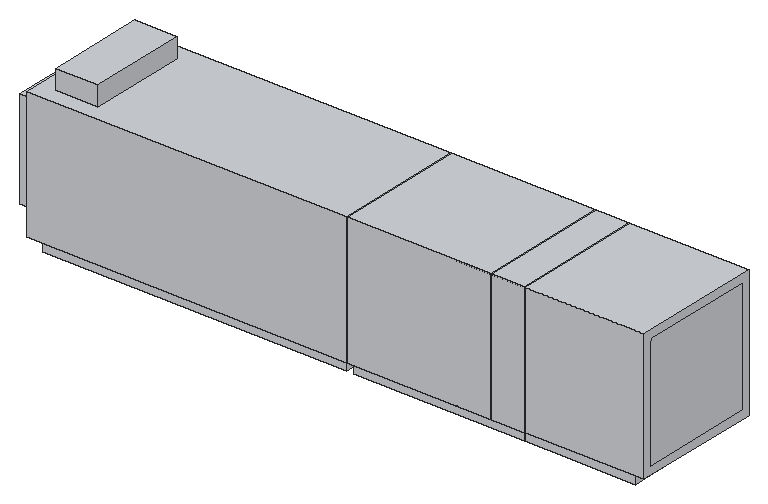
Revit family "Metric WinTADS Template 5", category Mechanical Equipment, Revit 2017
Family settings
  Round Connector Dimension = Use Diameter
  Part Type = Normal
  OmniClass Number = 23.75.00.00
  OmniClass Title = Climate Control (HVAC)
  Work Plane-Based = No
  Always vertical = Yes
  Cut with Voids When Loaded = No
  Shared = No
  Room Calculation Point = No
Parameters
  Mass = 378.91 kg
Reference planes
  plane 1 "Center (Front/Back)": y = 0
  plane 2: z = 0
  plane 3 "Center (Left/Right)": x = 0
Forms (mm)
  Extrusion 1, solid
    sketch origin (0, 0, 0) x (1, 0, 0) y (0, 1, 0)
      loop
        line (-110, 648) -> (-110, 90) -> (0, 90) -> (0, 648) -> (-110, 648)
    from 90 to 648
  Extrusion 2, solid
    sketch origin (0, 0, 0) x (1, 0, 0) y (0, 1, 0)
      loop
        line (90, 648) -> (90, 90) -> (328, 90) -> (328, 648) -> (90, 648)
    from 738 to 848
  Extrusion 3, solid
    sketch origin (0, 0, 0) x (1, 0, 0) y (0, 1, 0)
      loop
        line (3493.543, 689) -> (3493.543, 49) -> (3494.457, 49) -> (3494.457, 689) -> (3493.543, 689)
    from 49 to 689
  Extrusion 4, solid
    sketch origin (0, 0, 0) x (1, 0, 0) y (0, 1, 0)
      loop
        line (0, 738) -> (0, 0) -> (1809, 0) -> (1809, 738) -> (0, 738)
    from 0 to 738
  Extrusion 5, solid
    sketch origin (0, 0, 0) x (1, 0, 0) y (0, 1, 0)
      loop
        line (1809, 738) -> (1809, 0) -> (2818, 0) -> (2818, 738) -> (1809, 738)
    from 0 to 738
  Extrusion 6, solid
    sketch origin (0, 0, 0) x (1, 0, 0) y (0, 1, 0)
      loop
        line (2626.543, 738) -> (2626.543, 0) -> (2627.457, 0) -> (2627.457, 738) -> (2626.543, 738)
    from 0 to 738
  Extrusion 7, solid
    sketch origin (0, 0, 0) x (1, 0, 0) y (0, 1, 0)
      loop
        line (2436, 738) -> (2436, 0) -> (3494, 0) -> (3494, 738) -> (2436, 738)
    from 0 to 738
  Extrusion 8, solid
    sketch origin (0, 0, 0) x (1, 0, 0) y (0, 1, 0)
      loop
        line (69, 75.5) -> (69, 26.5) -> (1789, 26.5) -> (1789, 75.5) -> (69, 75.5)
    from -62 to 0
  Extrusion 9, solid
    sketch origin (0, 0, 0) x (1, 0, 0) y (0, 1, 0)
      loop
        line (69, 711.5) -> (69, 662.5) -> (1789, 662.5) -> (1789, 711.5) -> (69, 711.5)
    from -62 to 0
  Extrusion 10, solid
    sketch origin (0, 0, 0) x (1, 0, 0) y (0, 1, 0)
      loop
        line (69, 662.5) -> (69, 75.5) -> (118, 75.5) -> (118, 662.5) -> (69, 662.5)
    from -62 to 0
  Extrusion 11, solid
    sketch origin (0, 0, 0) x (1, 0, 0) y (0, 1, 0)
      loop
        line (1740, 662.5) -> (1740, 75.5) -> (1789, 75.5) -> (1789, 662.5) -> (1740, 662.5)
    from -62 to 0
  Extrusion 12, solid
    sketch origin (0, 0, 0) x (1, 0, 0) y (0, 1, 0)
      loop
        line (1829, 75.5) -> (1829, 26.5) -> (2798, 26.5) -> (2798, 75.5) -> (1829, 75.5)
    from -62 to 0
  Extrusion 13, solid
    sketch origin (0, 0, 0) x (1, 0, 0) y (0, 1, 0)
      loop
        line (1829, 711.5) -> (1829, 662.5) -> (2798, 662.5) -> (2798, 711.5) -> (1829, 711.5)
    from -62 to 0
  Extrusion 14, solid
    sketch origin (0, 0, 0) x (1, 0, 0) y (0, 1, 0)
      loop
        line (1829, 662.5) -> (1829, 75.5) -> (1878, 75.5) -> (1878, 662.5) -> (1829, 662.5)
    from -62 to 0
  Extrusion 15, solid
    sketch origin (0, 0, 0) x (1, 0, 0) y (0, 1, 0)
      loop
        line (2749, 662.5) -> (2749, 75.5) -> (2798, 75.5) -> (2798, 662.5) -> (2749, 662.5)
    from -62 to 0
  Extrusion 16, solid
    sketch origin (0, 0, 0) x (1, 0, 0) y (0, 1, 0)
      loop
        line (2456, 75.5) -> (2456, 26.5) -> (3425, 26.5) -> (3425, 75.5) -> (2456, 75.5)
    from -62 to 0
  Extrusion 17, solid
    sketch origin (0, 0, 0) x (1, 0, 0) y (0, 1, 0)
      loop
        line (2456, 711.5) -> (2456, 662.5) -> (3425, 662.5) -> (3425, 711.5) -> (2456, 711.5)
    from -62 to 0
  Extrusion 18, solid
    sketch origin (0, 0, 0) x (1, 0, 0) y (0, 1, 0)
      loop
        line (2456, 662.5) -> (2456, 75.5) -> (2505, 75.5) -> (2505, 662.5) -> (2456, 662.5)
    from -62 to 0
  Extrusion 19, solid
    sketch origin (0, 0, 0) x (1, 0, 0) y (0, 1, 0)
      loop
        line (3376, 662.5) -> (3376, 75.5) -> (3425, 75.5) -> (3425, 662.5) -> (3376, 662.5)
    from -62 to 0
Dimensions and locks
  aligned and locked: level to plane 2
Connectors
  hvac at (209, 369, 848)
    settings: on Extrusion 2, index 6, duct flow 416.667 L/s, flow factor 0, pres drop 6.32325 Pa, loss coef 0, conn angle 0.00°, conn width 238 mm, conn height 558 mm, conn diameter 609.6 mm, duct sys type 1, conn prof type 1, flow config 0, flow direction 1, loss method 4, conn ref index -1, conn util no, is conn primary yes, conn desc ""
  hvac at (3494.457, 369, 369)
    settings: on Extrusion 3, index 31, duct flow 416.667 L/s, flow factor 0, pres drop 2.0 Pa, loss coef 0, conn angle 0.00°, conn width 640 mm, conn height 640 mm, conn diameter 609.6 mm, duct sys type 1, conn prof type 1, flow config 0, flow direction 2, loss method 4, conn ref index -1, conn util no, is conn primary no, conn desc ""
  hvac at (-110, 369, 369)
    settings: on Extrusion 1, index 35, duct flow 416.667 L/s, flow factor 0, pres drop 1.2492 Pa, loss coef 0, conn angle 0.00°, conn width 558 mm, conn height 558 mm, conn diameter 609.6 mm, duct sys type 1, conn prof type 1, flow config 0, flow direction 1, loss method 4, conn ref index -1, conn util no, is conn primary no, conn desc ""
